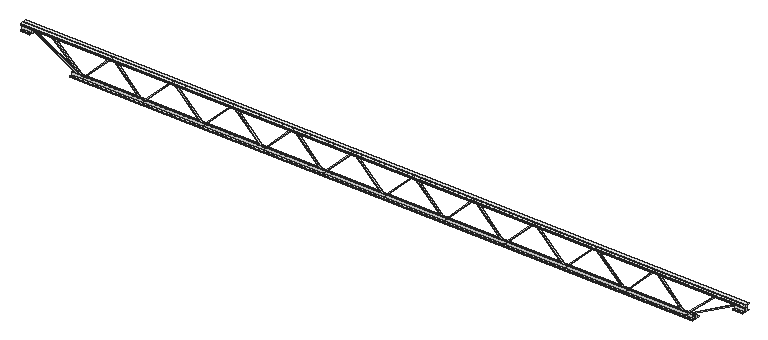
Revit family
Parameters (values of type "12K1")
  Start Offset [instance] = 0 mm
  M = 7.4
  Web Thickness = 9.5 mm
  Seat Length = 100 mm
  Seat Depth = 63.5 mm
  Rendering Material = Metal - Steel - 345 MPa
  PanelArrayNum [instance] = PanelArrayLength / (2 * Depth)  # 10
  PanelArrayLength [instance] = Length - (2 * End Panel)  # 6180 mm
  Panel [instance] = PanelArrayLength / PanelArrayNum  # 618 mm
  Start Extension [instance] = 0 mm
  Keynote = "G10"
  End Panel = 2 * Depth  # 610 mm
  End Offset [instance] = 0 mm
  End Extension [instance] = 0 mm
  Cord Leg = 32 mm
  Chord Thickness = 6.5 mm
  Assembly Code = ""
  Length [instance] = 7400 mm
  Depth = 305 mm
Types (3, lengths in mm): name | M | Rendering Material | PanelArrayNum | PanelArrayLength | Panel | End Panel | Depth
  (no name) | 7.4 | Metal - Steel - 345 MPa | 10 | 6180 | 618 | 610 | 305
  12K1 | 7.4 | Metal - Steel - 345 MPa | 10 | 6180 | 618 | 610 | 305
  8K1 | 7.6 | none | 16 | 6588 | 411.75 | 406 | 203
Reference planes
  plane 1 "Center (Front/Back)": y = 0
  plane 2: z = 0
  plane 3 "Center (Left/Right)": x = 4.61
  plane 4 "Member Left": x = -2027.39
  plane 5 "Member Right": x = 2036.61
  plane 6: y = 36.75
  plane 7: y = -36.75
  plane 8: z = 152.5
  plane 9: z = -152.5
  plane 10 "Left": x = -3695.39
  plane 11 "Stick Symbol Left": x = -1976.59
  plane 12 "Stick Symbol Right": x = 1985.81
  plane 13 "Right": x = 3704.61
  plane 14: z = 89
  plane 15: x = -3695.39
  plane 16: x = -3595.39
  plane 17: x = -3085.39
  plane 18: x = -3185.39
  plane 19: x = 3704.61
  plane 20: x = 3604.61
  plane 21: x = 3094.61
  plane 22: y = 4.75
  plane 23: y = -4.75
  plane 24: z = 120.5
  plane 25: z = -120.5
  plane 26: x = 3194.61
  plane 27: x = -3394.39
  plane 28: x = -2776.39
  plane 29: x = 2785.61
  plane 30: x = 3403.61
  plane 31: z = -146.15
  plane 32: z = 146.15
  plane 33: x = -3695.39
  plane 34: x = 3704.61
Forms (mm)
  Extrusion 1, solid, material "Metal - Steel - 345 MPa" <- "Rendering Material", detail levels medium+fine
    sketch origin (4.61, 0, 0) x (0, 1, 0) y (0, 0, 1)
      loop
        line (36.75, 152.5) -> (4.75, 152.5) -> (4.75, 120.5) -> (11.25, 120.5) -> (11.25, 146) -> (36.75, 146) -> (36.75, 152.5)
      loop
        line (-36.75, 152.5) -> (-36.75, 146) -> (-11.25, 146) -> (-11.25, 120.5) -> (-4.75, 120.5) -> (-4.75, 152.5) -> (-36.75, 152.5)
    from -3700 to 3700
  Extrusion 2, solid, material "Metal - Steel - 345 MPa" <- "Rendering Material", detail levels medium+fine
    sketch origin (4.61, 0, 0) x (0, 1, 0) y (0, 0, 1)
      loop
        line (4.75, -120.5) -> (4.75, -152.5) -> (36.75, -152.5) -> (36.75, -146) -> (11.25, -146) -> (11.25, -120.5) -> (4.75, -120.5)
      loop
        line (-4.75, -120.5) -> (-11.25, -120.5) -> (-11.25, -146) -> (-36.75, -146) -> (-36.75, -152.5) -> (-4.75, -152.5) -> (-4.75, -120.5)
    from -3190 to 3190
  Extrusion 3, solid, material "Metal - Steel - 345 MPa" <- "Rendering Material", detail levels medium+fine
    sketch origin (4.61, 0, 0) x (0, 1, 0) y (0, 0, 1)
      loop
        line (36.75, 89) -> (36.75, 95.5) -> (11.25, 95.5) -> (11.25, 120.5) -> (4.75, 120.5) -> (4.75, 89) -> (36.75, 89)
      loop
        line (-36.75, 89) -> (-4.75, 89) -> (-4.75, 120.5) -> (-11.25, 120.5) -> (-11.25, 95.5) -> (-36.75, 95.5) -> (-36.75, 89)
    from 3600 to 3700
  Extrusion 4, solid, material "Metal - Steel - 345 MPa" <- "Rendering Material", detail levels medium+fine
    sketch origin (4.61, 0, 0) x (0, 1, 0) y (0, 0, 1)
      loop
        line (-36.75, 89) -> (-4.75, 89) -> (-4.75, 120.5) -> (-11.25, 120.5) -> (-11.25, 95.5) -> (-36.75, 95.5) -> (-36.75, 89)
      loop
        line (4.75, 89) -> (36.75, 89) -> (36.75, 95.5) -> (11.25, 95.5) -> (11.25, 120.5) -> (4.75, 120.5) -> (4.75, 89)
    from -3700 to -3600
  Sweep 5, solid, material "Metal - Steel - 345 MPa" <- "Rendering Material", detail levels fine
    path origin (0, 0, 0) x (1, 0, 0) y (0, 0, 1)
      loop
        line (-3414.347, 133.45) -> (-3401.647, 133.45) -> (-3085.39, -146.15)
    profile origin (-3407.997, 0, 133.45) x (0, 0, 1) y (0, -1, 0)
      loop
        line (4.75, -4.75) -> (4.75, 4.75) -> (-4.75, 4.75) -> (-4.75, -4.75) -> (4.75, -4.75)
  Sweep 6, solid, material "Metal - Steel - 345 MPa" <- "Rendering Material", detail levels fine
    path origin (0, 0, 0) x (1, 0, 0) y (0, 0, 1)
      loop
        line (-3085.39, -146.15) -> (-3595.39, 120.5) -> (-3695.39, 120.5)
    profile origin (-3645.39, 0, 120.5) x (0, 0, -1) y (0, -1, 0)
      loop
        line (-4.75, -4.75) -> (4.75, -4.75) -> (4.75, 4.75) -> (-4.75, 4.75) -> (-4.75, -4.75)
  Sweep 7, solid, material "Metal - Steel - 345 MPa" <- "Rendering Material", detail levels fine
    path origin (0, 0, 0) x (1, 0, 0) y (0, 0, 1)
      loop
        line (3418.124, 146.15) -> (3094.61, -146.15)
    profile "Web-Profile1 : Web-Profile1" origin (3256.367, 0, 0) x (0.670404, 0, -0.741996) y (0, -1, 0)
      loop
        line (-4.75, 4.75) -> (-4.75, -4.75) -> (4.75, -4.75) -> (4.75, 4.75) -> (-4.75, 4.75)
  Sweep 8, solid, material "Metal - Steel - 345 MPa" <- "Rendering Material", detail levels fine
    path origin (0, 0, 0) x (1, 0, 0) y (0, 0, 1)
      loop
        line (3604.61, 120.5) -> (3094.61, -146.15)
    profile "Web-Profile1 : Web-Profile1" origin (3349.61, 0, -12.825) x (0.463335, 0, -0.886183) y (0, -1, 0)
      loop
        line (-4.75, 4.75) -> (-4.75, -4.75) -> (4.75, -4.75) -> (4.75, 4.75) -> (-4.75, 4.75)
Lines and regions (mm)
  symbolic lines, style "StructuralFraming", detail levels coarse
    curve 1: line (0, 36.75, 152.5) -> (0, 4.75, 152.5)
    curve 2: line (0, -36.75, -152.5) -> (0, -4.75, -152.5)
    curve 14: line (0, 4.75, -152.5) -> (0, 36.75, -152.5)
    curve 15: line (4.61, 4.75, -152.5) -> (4.61, 4.75, -120.5)
    curve 16: line (4.61, -4.75, -152.5) -> (4.61, -4.75, -120.5)
    curve 17: line (4.61, -4.75, 152.5) -> (4.61, -4.75, 120.5)
    curve 18: line (4.61, 4.75, 152.5) -> (4.61, 4.75, 120.5)
    curve 19: line (0, -4.75, 152.5) -> (0, -36.75, 152.5)
  symbolic lines, style "StructuralFraming", detail levels coarse+medium
    curve 3: line (0, 0, -152.5) -> (0, 0, 152.5)
  reference lines
    curve 4: line (-1876.59, 0, -276.008) -> (-1876.59, 0, 232.192)
    curve 5: line (-1266.59, 0, -282.358) -> (-1266.59, 0, 232.192)
    curve 7: line (1885.81, 0, -223.088) -> (1885.81, 0, 234.312)
    curve 8: line (1275.81, 0, -350.088) -> (1275.81, 0, 234.312)
  model lines, style "Web Joist", detail levels coarse
    curve 6: line (-1876.59, 0, 152.5) -> (-1266.59, 0, -152.5)
    curve 9: line (1885.81, 0, 152.5) -> (1275.81, 0, -152.5)
    curve 10: line (1275.81, 0, -152.5) -> (-1266.59, 0, -152.5)
    curve 11: line (1985.81, 0, 152.5) -> (-1976.59, 0, 152.5)
  model lines, style "StructuralFraming", detail levels medium
    curve 12: line (-3085.39, 0, -146.15) -> (-3386.999, 0, 120.5)
    curve 13: line (3389.735, 0, 120.5) -> (3094.61, 0, -146.15)
  model lines, detail levels medium
    curve 20: line (3604.61, 0, 120.5) -> (3094.61, 0, -146.15)
    curve 21: line (-3595.39, 0, 120.5) -> (-3085.39, 0, -146.15)
Dimensions and locks
  equal spacing: plane 9, plane 2, plane 8
  "Length": plane 10 "Left" to plane 13 "Right"
  equal spacing: plane 10 "Left", plane 3 "Center (Left/Right)", plane 13 "Right"
  "Seat Length": curve 4 to plane 11 "Stick Symbol Left"
  "End Panel": curve 5 to curve 4
  "Seat Length": curve 7 to plane 12 "Stick Symbol Right"
  "End Panel": curve 7 to curve 8
  "Depth": plane 9 to plane 8
  "Seat Depth": plane 8 to plane 14
  locked: plane 18 to plane 17 at 100
  "End Panel": plane 10 "Left" to plane 17
  "End Panel": plane 13 "Right" to plane 21
  "Web Thickness": plane 22 to plane 23
  equal spacing: plane 22, plane 1 "Center (Front/Back)", plane 23
  "Cord Leg": plane 23 to plane 7
  "Cord Leg": plane 6 to plane 22
  "Cord Leg": plane 9 to plane 25
  "Cord Leg": plane 24 to plane 8
  "Chord Thickness": plane 8 to Extrusion 1 sketch curve
  "Chord Thickness": Extrusion 1 sketch curve to plane 8
  "Chord Thickness": plane 23 to Extrusion 1 sketch curve
  "Chord Thickness": Extrusion 1 sketch curve to plane 22
  "Chord Thickness": plane 9 to Extrusion 2 sketch curve  (x2)
  "Chord Thickness": Extrusion 2 sketch curve to plane 22
  "Chord Thickness": plane 23 to Extrusion 2 sketch curve
  locked: plane 21 to plane 26 at 100
  "Chord Thickness": plane 14 to Extrusion 3 sketch curve  (x2)
  "Chord Thickness": plane 23 to Extrusion 3 sketch curve
  "Chord Thickness": Extrusion 3 sketch curve to plane 22
  "Chord Thickness": plane 14 to Extrusion 4 sketch curve  (x2)
  "Chord Thickness": Extrusion 4 sketch curve to plane 22
  "Chord Thickness": plane 23 to Extrusion 4 sketch curve
  "Panel": plane 28 to plane 27
  equal spacing: plane 28, plane 17, plane 27
  "Panel": plane 29 to plane 30
  equal spacing: plane 29, plane 21, plane 30
  equal spacing: Sweep 5 sketch curve, curve 4, Sweep 5 sketch curve
  "Web Thickness": Sweep 5 sketch curve to Sweep 5 sketch curve  (x2)
  equal spacing: Sweep 5 sketch curve, profile plane, Sweep 5 sketch curve
  locked: plane 31 to plane 9 at 6.35
  locked: plane 8 to plane 32 at 6.35
  locked: plane 8 to Sweep 5 sketch curve at 19.05
  "Web Thickness": Sweep 6 sketch curve to Sweep 6 sketch curve
  equal spacing: Sweep 6 sketch curve, plane 24, Sweep 6 sketch curve
  equal spacing: group 1, group 3, group 4, group 5, group 6, group 7, group 8, group 9, group 10, group 2  (x3)
  "Start Offset": plane 10 "Left" to plane 33
  "Seat Length": plane 33 to plane 16
  "Start Extension": plane 15 to plane 33
  "End Offset": plane 13 "Right" to plane 34
  "Seat Length": plane 34 to plane 20
  "End Extension": plane 19 to plane 34
  aligned and locked: curve 10 to plane 9
  aligned and locked: curve 4 to curve 6
  aligned and locked: plane 11 "Stick Symbol Left" to curve 11
  aligned and locked: plane 12 "Stick Symbol Right" to curve 11
  aligned and locked: curve 5 to curve 10
  aligned and locked: curve 8 to curve 10
  aligned and locked: plane 8 to Extrusion 1 sketch curve
  aligned and locked: Extrusion 1 sketch curve to plane 8
  aligned and locked: plane 6 to Extrusion 1 sketch curve
  aligned and locked: plane 7 to Extrusion 1 sketch curve
  aligned and locked: Extrusion 1 sketch curve to plane 24
  aligned and locked: plane 24 to Extrusion 1 sketch curve
  aligned and locked: plane 19 to Extrusion 1
  aligned and locked: plane 15 to Extrusion 1
  aligned and locked: plane 9 to Extrusion 2 sketch curve
  aligned and locked: Extrusion 2 sketch curve to plane 9
  aligned and locked: plane 6 to Extrusion 2 sketch curve
  aligned and locked: plane 7 to Extrusion 2 sketch curve
  aligned and locked: Extrusion 2 sketch curve to plane 22
  aligned and locked: Extrusion 2 sketch curve to plane 23
  aligned and locked: Extrusion 2 sketch curve to plane 25
  aligned and locked: plane 25 to Extrusion 2 sketch curve
  aligned and locked: Extrusion 2 to plane 26
  aligned and locked: plane 18 to Extrusion 2
  aligned and locked: Extrusion 3 sketch curve to plane 7
  aligned and locked: plane 14 to Extrusion 3 sketch curve
  aligned and locked: Extrusion 3 sketch curve to plane 14
  aligned and locked: Extrusion 3 sketch curve to plane 6
  aligned and locked: Extrusion 3 sketch curve to plane 23
  aligned and locked: Extrusion 3 sketch curve to plane 22
  aligned and locked: Extrusion 3 sketch curve to plane 24
  aligned and locked: plane 24 to Extrusion 3 sketch curve
  aligned and locked: plane 19 to Extrusion 3
  aligned and locked: Extrusion 3 to plane 20
  aligned and locked: plane 6 to Extrusion 4 sketch curve
  aligned and locked: Extrusion 4 sketch curve to plane 7
  aligned and locked: Extrusion 4 sketch curve to plane 22
  aligned and locked: plane 23 to Extrusion 4 sketch curve
  aligned and locked: plane 24 to Extrusion 4 sketch curve  (x2)
  aligned and locked: Extrusion 4 sketch curve to plane 14  (x2)
  aligned and locked: plane 15 to Extrusion 4
  aligned and locked: plane 16 to Extrusion 4
  aligned and locked: curve 12 to Sweep 5 sketch curve
  aligned and locked: Sweep 6 sketch curve to plane 22
  aligned and locked: plane 23 to Sweep 6 sketch curve
  aligned and locked: Sweep 7 sketch curve to curve 13
  aligned and locked: plane 1 "Center (Front/Back)" to nested 1
  aligned and locked: nested 1 to plane 17
  aligned and locked: Extrusion 2 to curve 15
  aligned and locked: curve 15 to Extrusion 2
  aligned and locked: curve 2 to curve 16
  aligned and locked: curve 16 to Extrusion 2
  aligned and locked: Extrusion 1 to curve 17
  aligned and locked: curve 17 to Extrusion 1
  aligned and locked: curve 18 to Extrusion 1  (x2)
  aligned and locked: curve 1 to Extrusion 1
  aligned and locked: nested 2 to plane 21
  aligned and locked: curve 7 to curve 9
  aligned and locked: Sweep 8 sketch curve to curve 20
  aligned and locked: Extrusion 4 to curve 21
  aligned and locked: plane 16 to curve 21
  aligned and locked: plane 17 to curve 21
  aligned and locked: Sweep 6 sketch curve to curve 21
  aligned and locked: Sweep 6 sketch curve to Extrusion 1
Automatic sketch dimensions
  plane 9 to curve 7 = 70.588 mm
  plane 9 to curve 4 = 123.508 mm
  plane 9 to curve 5 = 129.858 mm
  plane 9 to curve 8 = 197.588 mm
  curve 4 to plane 8 = 79.692 mm
  curve 5 to plane 8 = 79.692 mm
  curve 7 to plane 8 = 81.812 mm
  curve 8 to plane 8 = 81.812 mm
  Extrusion 1 sketch curve to plane 23 = 0 mm
  Extrusion 1 sketch curve to plane 22 = 0 mm
  Sweep 5 sketch curve to plane 17 = 0 mm
  Sweep 5 sketch curve to plane 31 = 0 mm
  Sweep 5 sketch curve to plane 27 = 7.257 mm
  Sweep 5 sketch curve to Sweep 5 sketch curve = 12.7 mm
  Sweep 7 sketch curve to plane 21 = 0 mm
  Sweep 7 sketch curve to plane 32 = 0 mm
  Sweep 7 sketch curve to plane 31 = 0 mm
  Sweep 7 sketch curve to plane 30 = 14.514 mm
  curve 19 to plane 7 = 0 mm  (x2)
  curve 2 to plane 7 = 0 mm
  curve 2 to plane 9 = 0 mm
  curve 2 to plane 23 = 0 mm
  curve 3 to plane 1 "Center (Front/Back)" = 0 mm
  curve 1 to plane 6 = 0 mm  (x2)
  curve 3 to plane 9 = 0 mm
  curve 15 to plane 25 = 0 mm
  curve 16 to plane 25 = 0 mm
  curve 18 to plane 24 = 0 mm
  curve 17 to plane 24 = 0 mm
  curve 19 to plane 8 = 0 mm  (x2)
  curve 1 to plane 8 = 0 mm
  curve 3 to plane 8 = 0 mm
  curve 14 to plane 6 = 0 mm
  curve 14 to plane 9 = 0 mm
  curve 14 to plane 22 = 0 mm
  curve 1 to plane 22 = 0 mm
  curve 19 to plane 23 = 0 mm
  Sweep 8 sketch curve to plane 21 = 0 mm
  Sweep 8 sketch curve to plane 24 = 0 mm
  curve 12 to plane 24 = 0 mm
  curve 20 to plane 21 = 0 mm
  curve 13 to plane 24 = 0 mm
  curve 20 to plane 20 = 0 mm
  curve 21 to plane 31 = 0 mm
  curve 20 to plane 24 = 0 mm
  curve 9 to plane 8 = 0 mm
  Sweep 6 sketch curve to plane 33 = 0 mm
  Sweep 6 sketch curve to plane 17 = 0 mm
Nested families
  nested 1: "Rod Web" at (-3085.39, 0, 0), type "Rod Web"
  nested 2: "Rod Web" at (2476.61, 0, 0), type "Rod Web"
  nested 3: "Rod Web" at (-2467.39, 0, 0), type "Rod Web"
  nested 4: "Rod Web" at (-1849.39, 0, 0), type "Rod Web"
  nested 5: "Rod Web" at (-1231.39, 0, 0), type "Rod Web"
  nested 6: "Rod Web" at (-613.39, 0, 0), type "Rod Web"
  nested 7: "Rod Web" at (4.61, 0, 0), type "Rod Web"
  nested 8: "Rod Web" at (622.61, 0, 0), type "Rod Web"
  nested 9: "Rod Web" at (1240.61, 0, 0), type "Rod Web"
  nested 10: "Rod Web" at (1858.61, 0, 0), type "Rod Web"
Definition of nested family "Rod Web"
  Parameters (values of type "Rod Web")
    WebMaterial = none
    Web Thickness = 9.5 mm
    PanelHeight = 305 mm
    PanelWidth = LinkLength / PanelNum  # 618 mm
    LinkLength = 6180 mm
    PanelNum = LinkLength / (2 * PanelHeight)  # 10
    Assembly Code = ""
  Reference planes
    plane 1 "Center (Front/Back)": y = 0
    plane 2: z = 0
    plane 3 "Center (Left/Right)": x = 0
    plane 4: x = 618
    plane 5: x = 309
    plane 6: z = -152.5
    plane 7: z = -146.15
    plane 8: z = 146.15
    plane 9: z = 152.5
  Forms (mm)
    Sweep 1, solid, material <- "WebMaterial", detail levels fine
      path in 3D
        loop
          line (0, 0, -146.15) -> (3.175, 0, -146.15) -> (305.825, 0, 146.15) -> (312.175, 0, 146.15) -> (614.825, 0, -146.15) -> (618, 0, -146.15)
      profile origin (309, 0, 0) x (0, 0, 1) y (0, -1, 0)
        loop
          line (150.9, -4.75) -> (150.9, 4.75) -> (141.4, 4.75) -> (141.4, -4.75) -> (150.9, -4.75)
  Lines and regions (mm)
    model lines, style "InvisibleLines"
      curve 1: line (0, 0, -152.5) -> (0, 0, 152.5)
      curve 2: line (0, 0, 152.5) -> (618, 0, 152.5)
      curve 3: line (618, 0, 152.5) -> (618, 0, -152.5)
      curve 4: line (618, 0, -152.5) -> (0, 0, -152.5)
    model lines, style "StructuralFraming", detail levels medium
      curve 5: line (305.825, 0, 146.15) -> (312.175, 0, 146.15)
      curve 6: line (0, 0, -146.15) -> (3.175, 0, -146.15)
      curve 7: line (618, 0, -146.15) -> (614.825, 0, -146.15)
      curve 8: line (3.175, 0, -146.15) -> (305.825, 0, 146.15)
      curve 9: line (312.175, 0, 146.15) -> (614.825, 0, -146.15)
    sketch lines
      curve 10: line (305.825, 0, 146.15) -> (312.175, 0, 146.15)
      curve 11: line (3.175, 0, -146.15) -> (305.825, 0, 146.15)
      curve 12: line (312.175, 0, 146.15) -> (614.825, 0, -146.15)
      curve 13: line (0, 0, -146.15) -> (3.175, 0, -146.15)
      curve 14: line (618, 0, -146.15) -> (614.825, 0, -146.15)
  Dimensions and locks
    "PanelWidth": plane 4 to plane 3 "Center (Left/Right)"
    equal spacing: plane 4, plane 5, plane 3 "Center (Left/Right)"
    locked: plane 7 to plane 6 at 6.35
    curve 5 to plane 5 to curve 5 = 3.175 mm locked, 3.175 mm locked
    locked: curve 6 to plane 3 "Center (Left/Right)" at 3.175
    curve 7 to plane 4 = 3.175 mm
    equal spacing: Sweep 1 sketch curve, plane 1 "Center (Front/Back)", Sweep 1 sketch curve
    "Web Thickness": Sweep 1 sketch curve to Sweep 1 sketch curve  (x2)
    equal spacing: Sweep 1 sketch curve, plane 8, Sweep 1 sketch curve
    locked: plane 9 to plane 8 at 6.35
    "PanelHeight": plane 9 to plane 6
    equal spacing: plane 9, plane 2, plane 6
    aligned and locked: plane 8 to curve 5
    aligned and locked: curve 7 to plane 7
    aligned and locked: plane 7 to curve 6
    aligned and locked: plane 9 to curve 2
  Automatic sketch dimensions
    curve 1 to plane 3 "Center (Left/Right)" = 0 mm
    curve 3 to plane 4 = 0 mm
    curve 4 to plane 6 = 0 mm
